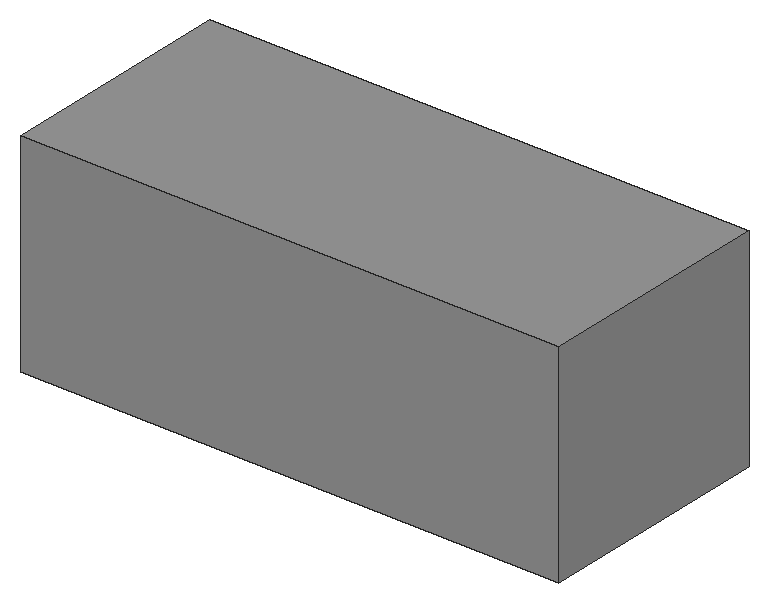
Revit family "MELINA_12W_3000K_700LM_BLANC", category Lighting Fixtures, host Wall, Revit 2021
Family settings
  Host = Wall
  Round Connector Dimension = Use Diameter
  Part Type = Normal
  OmniClass Number = 23.80.70.00
  OmniClass Title = Lighting
  Always vertical = Yes
  Cut with Voids When Loaded = No
  Light Source = Yes
  Shared = No
  Room Calculation Point = No
Parameters (values of type "Type 1")
  Wattage = 4.71247 W
  built-in parameter 1150110 = 1 (stored number, unit not read)
  Type de lampe = "LED"
  Type = "Applique murale"
  built-in parameter 1114217 = 1 (stored number, unit not read)
  built-in parameter 1150109 = 1 (stored number, unit not read)
  built-in parameter 1150134 = (empty or 0)
  built-in parameter 1150113 = 1 (stored number, unit not read)
  Puissance nominale = "12W"
  Matériau = "ABS"
  Lumens = 700 lm
  built-in parameter 1150115 = 1 (stored number, unit not read)
  built-in parameter 1150105 = 222.82 (stored number, unit not read)
  Light Source Symbol Size = 609.6 mm
  built-in parameter 1150137 = (empty or 0)
  built-in parameter 1150139 = (empty or 0)
  built-in parameter 1150112 = 1 (stored number, unit not read)
  built-in parameter 1150114 = 1 (stored number, unit not read)
  built-in parameter 1150132 = 2
  built-in parameter 1150102 = (empty or 0)
  built-in parameter 1150138 = (empty or 0)
  built-in parameter 1150107 = 3000 (stored number, unit not read)
  built-in parameter 1150106 = 2.2282 (stored number, unit not read)
  Fintion = "Blanc"
  Emit from Line Length = 609.6 mm
  built-in parameter 1150104 = 13.8 (stored number, unit not read)
  Driver = "Driver Eaglerise 300mA"
  Dimming Lamp Color Temperature Shift = <None>
  Dimensions = "230 x 90 x 101 mm"
  Diffuseur = "Polycarbonate"
  Default Elevation = 0 mm
  Color Filter = 16777215
  built-in parameter 1114218 = 1 (stored number, unit not read)
  built-in parameter 1150133 = 10 (stored number, unit not read)
  Alimentation luminaire = "300mA"
  Alimentation Driver = "AC 220-240V"
Reference planes
  plane 1: y = 0
  plane 2 "Light Source Axis (L/R)": x = 125
  plane 3 "Light Source Axis (F/R)": y = 150
  plane 4 "Light Source Elevation": z = 1800
Forms (mm)
  Extrusion 1, solid, material "Plastic, Opaque White"
    sketch origin (0, 150, 0) x (1, 0, 0) y (0, 0, 1)
      loop
        line (240, 1845) -> (10, 1845) -> (10, 1755) -> (240, 1755) -> (240, 1845)
    from -26 to 75
  Extrusion 2, void
    sketch origin (125, 0, 0) x (0, 1, 0) y (0, 0, 1)
      loop
        line (170.922, 1794.846) -> (110.922, 1794.846) -> (110.922, 1729.846) -> (170.922, 1729.846) -> (170.922, 1794.846)
    from -108.328 to 108.243
  Extrusion 3, solid, material "Glass, White, High Luminance"
    sketch origin (0, 150, 0) x (1, 0, 0) y (0, 0, 1)
      loop
        line (233.243, 1761.52) -> (16.672, 1761.52) -> (16.672, 1755) -> (233.243, 1755) -> (233.243, 1761.52)
    from -20.922 to 39.078
Cuts and joins
  Extrusion 2 cuts Extrusion 1
Lines and regions (mm)
  reference lines
    curve 1: line (125, 150, 1800) -> (10, 150, 1800)
    curve 2: line (10, 150, 1800) -> (10, 150, 1845)
    curve 3: line (10, 150, 1845) -> (240, 150, 1845)
    curve 4: line (240, 150, 1845) -> (240, 150, 1755)
    curve 5: line (240, 150, 1755) -> (10, 150, 1755)
    curve 6: line (10, 150, 1755) -> (10, 150, 1800)
    curve 7: line (125, 75, 1755) -> (125, 176, 1755)
Text (mm)
  text "Placement side" at (-1787.139, 1116.779, 0), in view "Ref. Level"
  text "Placement side" at (0, 296.899, 2986.058), in view "Left"
  text "Placement side" at (0, 628.478, 3011.967), in view "Right"
Dimensions and locks
  Extrusion 2 to curve 5 = 39.846 mm
  aligned and locked: plane 1 to host wall
  aligned and locked: plane 2 "Light Source Axis (L/R)" to imposter light
  aligned and locked: plane 3 "Light Source Axis (F/R)" to imposter light
  aligned and locked: plane 4 "Light Source Elevation" to imposter light
